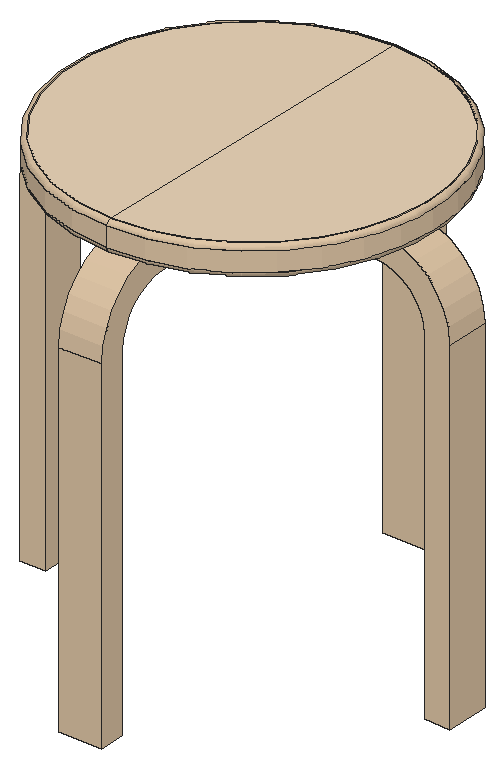
Revit family "Artek_Stools_Stool E60_Stool E60_quick_ship", category Furniture, Revit 2018
Family settings
  OmniClass Number = 23.40.20.14.14.11
  OmniClass Title = Chairs
  Work Plane-Based = No
  Always vertical = Yes
  Cut with Voids When Loaded = No
  Shared = No
  Room Calculation Point = No
Parameters (values of type "Stool E60 Natural Lacquered / Birch Veneer")
  WarrantyStartDate [instance] = "n/a"
  WarrantyGuarantorParts = "n/a"
  WarrantyGuarantorLabor = "n/a"
  WarrantyDurationUnit = "n/a"
  WarrantyDurationParts = "n/a"
  WarrantyDurationLabor = "n/a"
  WarrantyDescription = "n/a"
  VersionDate = "03/11/2020"  # constant formula
  Version = "1"  # constant formula
  Uniclass2015Reference = "Pr_40_50_51_31"
  Uniclass2015Description = "Foot stools"
  Uniclass2 = "Pr_40_50_12_83"
  URL = "https://www.artek.fi/en/products/stool-E60#data"
  Type Comments = ""
  TagNumber [instance] = "n/a"
  SustainabilityPerformance = "n/a"
  Style = "n/a"
  Size = "380x380x440mm"
  Shape = "Sculptured"
  SerialNumber [instance] = "n/a"
  SeatingHeight = 440 mm
  SeatMaterial = Birch Veneer
  SeatBandMaterial = Natural Lacquered
  Revision = "n/a"
  ReplacementCost = "n/a"
  ProductInformation = "Alvar Aalto’s four-legged Stool E60 is the most elemental of furniture pieces, equally suitable as a seat, table, storage unit, or display surface. Projecting a sense of relaxed familiarity, Stool E60 is equally suited to the home, public buildings, and educational facilities. The legs are mounted directly to the underside of the round seat without the need for complicated connecting elements. Thanks to its geometry, the stool can be stacked to save space in a spiralling tower sculpture."
  NominalLength = 420 mm
  NominalHeight = 440 mm
  NominalDepth = 420 mm
  Name = "Artek_Stool_E60"  # constant formula
  NBSReference = "45-35-20/365"
  NBSDescription = "Domestic chairs"
  ModelReference = "n/a"
  ModelNumber = "28000351"
  Material = "Wood/Fabric/Textile"
  ManufacturerURL = "https://www.artek.fi/en/"
  ManufacturerName = "Artek"
  Model = "Stool E60 Natural Lacquered / Birch Veneer"
  Manufacturer = ""
  MainColor = "Various"
  LegsMaterial = Natural Lacquered
  InstallationDate [instance] = "n/a"
  IfcExportType = "CHAIR"  # constant formula
  IfcExportAs = "IfcFurnishingElementType"  # constant formula
  Grade = "n/a"
  Finish = "Four legs and seat edge-band:\r\nSolid birch\r\nSeat core versions:\r\nSolid birch, Birch plywood\r\nSeat surface versions:\r\nBirch veneer, High-pressure laminate, Linoleum, Fabric upholstery and PU foam padding, Leather upholstery and PU foam padding, Leather upholstery"  # constant formula
  Features = "Stool E60 in a striking monochromatic configuration"  # constant formula
  ExpectedLife = "n/a"
  DurationUnit = "n/a"
  Designer = "Alvar Aalto"
  Description = "Alvar Aalto’s four-legged Stool E60 is the most elemental of furniture pieces, equally suitable as a seat, table, storage unit, or display surface. Projecting a sense of relaxed familiarity, Stool E60 is equally suited to the home, public buildings, and educational facilities. The legs are mounted directly to the underside of the round seat without the need for complicated connecting elements. Thanks to its geometry, the stool can be stacked to save space in a spiralling tower sculpture."  # constant formula
  Cost = 0
  ConvergoRefNr = "0190-2009-0002-FI\t\t\r\n"  # constant formula
  Constituents = "n/a"
  Color = "Various"
  CodePerformance = "n/a"
  Barcode [instance] = "n/a"
  AssetIdentifier [instance] = "n/a"
  Category = "Stool"
  Brand = "Artek"
  BIMObjectName = "Artek_Stools_Stool E60_Stool E60_quick_ship\r\n"  # constant formula
  Author = "Convergo AB"  # constant formula
  AssetType = "Movable"
  AccessibilityPerformance = "n/a"
Types (17, lengths in mm): name | SeatMaterial | SeatBandMaterial | ProductInformation | NominalLength | NominalDepth | ModelNumber | Model | LegsMaterial
  (no name) | Birch Veneer | Natural Lacquered | "Alvar Aalto’s four-legged Stool E60 is the most elemental of furniture pieces, equally suitable as a seat, table, storage unit, or display surface. Projecting a sense of relaxed familiarity, Stool E60 is equally suited to the home, public buildings, and educational facilities. The legs are mounted directly to the underside of the round seat without the need for complicated connecting elements. Thanks to its geometry, the stool can be stacked to save space in a spiralling tower sculpture." | 420 | 420 | "28000351" | "Stool E60 Natural Lacquered / Birch Veneer" | Natural Lacquered
  Stool E60 Natural Lacquered / Birch Veneer | Birch Veneer | Natural Lacquered | "Alvar Aalto’s four-legged Stool E60 is the most elemental of furniture pieces, equally suitable as a seat, table, storage unit, or display surface. Projecting a sense of relaxed familiarity, Stool E60 is equally suited to the home, public buildings, and educational facilities. The legs are mounted directly to the underside of the round seat without the need for complicated connecting elements. Thanks to its geometry, the stool can be stacked to save space in a spiralling tower sculpture." | 420 | 420 | "28000351" | "Stool E60 Natural Lacquered / Birch Veneer" | Natural Lacquered
  Stool E60 Natural Lacquered / IKI White HPL | IKI white HPL | Natural Lacquered | "Alvar Aalto’s four-legged Stool E60 is the most elemental of furniture pieces, equally suitable as a seat, table, storage unit, or display surface. Projecting a sense of relaxed familiarity, Stool E60 is equally suited to the home, public buildings, and educational facilities. The legs are mounted directly to the underside of the round seat without the need for complicated connecting elements. Thanks to its geometry, the stool can be stacked to save space in a spiralling tower sculpture." | 380 | 380 | "28000352" | "Stool E60 Natural Lacquer / IKI White HPL" | Natural Lacquered
  Stool E60 Natural Lacquered / Black Linoleum | Black Linoleum | Natural Lacquered | "Alvar Aalto’s four-legged Stool E60 is the most elemental of furniture pieces, equally suitable as a seat, table, storage unit, or display surface. Projecting a sense of relaxed familiarity, Stool E60 is equally suited to the home, public buildings, and educational facilities. The legs are mounted directly to the underside of the round seat without the need for complicated connecting elements. Thanks to its geometry, the stool can be stacked to save space in a spiralling tower sculpture." | 380 | 380 | "28000353" | "Stool E60 Natural Lacquered / BlackLInoleum" | Natural Lacquered
  Stool E60 Natural Lacquered / Black Lacquered | Black Lacquered | Black Lacquered | "Alvar Aalto’s four-legged Stool E60 is the most elemental of furniture pieces, equally suitable as a seat, table, storage unit, or display surface. Projecting a sense of relaxed familiarity, Stool E60 is equally suited to the home, public buildings, and educational facilities. The legs are mounted directly to the underside of the round seat without the need for complicated connecting elements. Thanks to its geometry, the stool can be stacked to save space in a spiralling tower sculpture." | 380 | 380 | "28000354" | "Stool E60 Natural Lacquered / Black Lacquered" | Natural Lacquered
  Stool E60 Natural Lacquered / Orange Lacquered | Orange Lacquered | Orange Lacquered | "Alvar Aalto’s four-legged Stool E60 is the most elemental of furniture pieces, equally suitable as a seat, table, storage unit, or display surface. Projecting a sense of relaxed familiarity, Stool E60 is equally suited to the home, public buildings, and educational facilities. The legs are mounted directly to the underside of the round seat without the need for complicated connecting elements. Thanks to its geometry, the stool can be stacked to save space in a spiralling tower sculpture." | 380 | 380 | "28000356" | "Stool E60 Natural Lacquered / Orange Lacquered" | Natural Lacquered
  Stool E60 Natural Lacquered / White Lacquered | White Lacquered | White Lacquered | "Alvar Aalto’s four-legged Stool E60 is the most elemental of furniture pieces, equally suitable as a seat, table, storage unit, or display surface. Projecting a sense of relaxed familiarity, Stool E60 is equally suited to the home, public buildings, and educational facilities. The legs are mounted directly to the underside of the round seat without the need for complicated connecting elements. Thanks to its geometry, the stool can be stacked to save space in a spiralling tower sculpture." | 380 | 380 | "28000355" | "Stool E60 Natural Lacquered / White Lacquered" | Natural Lacquered
  Stool E60 Natural Lacquered / Yellow Lacquered | Yellow Lacquered | Yellow Lacquered | "Alvar Aalto’s four-legged Stool E60 is the most elemental of furniture pieces, equally suitable as a seat, table, storage unit, or display surface. Projecting a sense of relaxed familiarity, Stool E60 is equally suited to the home, public buildings, and educational facilities. The legs are mounted directly to the underside of the round seat without the need for complicated connecting elements. Thanks to its geometry, the stool can be stacked to save space in a spiralling tower sculpture." | 380 | 380 | "28000357" | "Stool E60 Natural Lacquered / Yellow Lacquered" | Natural Lacquered
  Stool E60 Natural Lacquered / Green Lacquered | Green Lacquered | Green Lacquered | "Alvar Aalto’s four-legged Stool E60 is the most elemental of furniture pieces, equally suitable as a seat, table, storage unit, or display surface. Projecting a sense of relaxed familiarity, Stool E60 is equally suited to the home, public buildings, and educational facilities. The legs are mounted directly to the underside of the round seat without the need for complicated connecting elements. Thanks to its geometry, the stool can be stacked to save space in a spiralling tower sculpture." | 380 | 380 | "28000358" | "Stool 60 Natural Lacquered / Green Lacquered" | Natural Lacquered
  Stool E60 Natural Lacquered / Petrol Lacquered | Petrol Lacquered | Petrol Lacquered | "Alvar Aalto’s four-legged Stool E60 is the most elemental of furniture pieces, equally suitable as a seat, table, storage unit, or display surface. Projecting a sense of relaxed familiarity, Stool E60 is equally suited to the home, public buildings, and educational facilities. The legs are mounted directly to the underside of the round seat without the need for complicated connecting elements. Thanks to its geometry, the stool can be stacked to save space in a spiralling tower sculpture." | 380 | 380 | "28000384" | "Stool E60 Natural Lacquered / Petrol Lacquered" | Natural Lacquered
  Stool E60 Natural Lacquered / Red Lacquered | Red Lacquered | Red Lacquered | "Alvar Aalto’s iconic Stool 60 is the most elemental of furniture pieces, equally suitable as a seat, a table, storage unit, or display surface. The legs are mounted directly to the underside of the round seat without the need for complicated connecting elements. Thanks to its geometry, the stool can be stacked to save space in a spiralling tower sculpture. Manufactured in 42 production steps at the A-Factory in Turku, Finland, Stool 60 is available in a wide variety of colours and finishes. Several million units of Stool 60 and its four-legged cousin, Stool E60, have been sold, making it one of the most cherished products in the history of design." | 380 | 380 | "28000385" | "Stool E60 Natural Lacquered / Red Lacquered" | Natural Lacquered
  Stool E60 Natural Lacquered / Blue Lacquered | Blue Lacquered | Blue Lacquered | "Alvar Aalto’s four-legged Stool E60 is the most elemental of furniture pieces, equally suitable as a seat, table, storage unit, or display surface. Projecting a sense of relaxed familiarity, Stool E60 is equally suited to the home, public buildings, and educational facilities. The legs are mounted directly to the underside of the round seat without the need for complicated connecting elements. Thanks to its geometry, the stool can be stacked to save space in a spiralling tower sculpture." | 380 | 380 | "28000386" | "Stool E60 Natural Lacquered / Blue Lacquered" | Natural Lacquered
  Stool E60 Natural Lacquered / Grey Lacquered | Grey Lacquered | Grey Lacquered | "Alvar Aalto’s iconic Stool 60 is the most elemental of furniture pieces, equally suitable as a seat, a table, storage unit, or display surface. The legs are mounted directly to the underside of the round seat without the need for complicated connecting elements. Thanks to its geometry, the stool can be stacked to save space in a spiralling tower sculpture. Manufactured in 42 production steps at the A-Factory in Turku, Finland, Stool 60 is available in a wide variety of colours and finishes. Several million units of Stool 60 and its four-legged cousin, Stool E60, have been sold, making it one of the most cherished products in the history of design." | 380 | 380 | "28000387" | "Stool E60 Natural Lacquered / Grey Lacquered" | Natural Lacquered
  Stool E60 White Lacquered / White Lacquered | White Lacquered | White Lacquered | "Alvar Aalto’s four-legged Stool E60 is the most elemental of furniture pieces, equally suitable as a seat, table, storage unit, or display surface. Projecting a sense of relaxed familiarity, Stool E60 is equally suited to the home, public buildings, and educational facilities. The legs are mounted directly to the underside of the round seat without the need for complicated connecting elements. Thanks to its geometry, the stool can be stacked to save space in a spiralling tower sculpture." | 380 | 380 | "28000363" | "Stool E60 White Lacquered / White Lacquered" | White Lacquered
  Stool E60 Black Lacquered / Black Lacquered | Black Lacquered | Black Lacquered | "Alvar Aalto’s four-legged Stool E60 is the most elemental of furniture pieces, equally suitable as a seat, table, storage unit, or display surface. Projecting a sense of relaxed familiarity, Stool E60 is equally suited to the home, public buildings, and educational facilities. The legs are mounted directly to the underside of the round seat without the need for complicated connecting elements. Thanks to its geometry, the stool can be stacked to save space in a spiralling tower sculpture." | 380 | 380 | "28000364" | "Stool E60 Black Lacquered / Black Lacquered" | Black Lacquered
  Stool E60 Walnut Stained / Walnut Stained | Walnut Stained | Walnut Stained | "Alvar Aalto’s four-legged Stool E60 is the most elemental of furniture pieces, equally suitable as a seat, table, storage unit, or display surface. Projecting a sense of relaxed familiarity, Stool E60 is equally suited to the home, public buildings, and educational facilities. The legs are mounted directly to the underside of the round seat without the need for complicated connecting elements. Thanks to its geometry, the stool can be stacked to save space in a spiralling tower sculpture." | 380 | 380 | "28000365" | "Stool E60 Walnut Stained / Walnut Stained" | Walnut Stained
  Stool E60 Honey Stained / Honey Stained | Honey Stained | Honey Stained | "Alvar Aalto’s four-legged Stool E60 is the most elemental of furniture pieces, equally suitable as a seat, table, storage unit, or display surface. Projecting a sense of relaxed familiarity, Stool E60 is equally suited to the home, public buildings, and educational facilities. The legs are mounted directly to the underside of the round seat without the need for complicated connecting elements. Thanks to its geometry, the stool can be stacked to save space in a spiralling tower sculpture." | 380 | 380 | "28000376" | "Stool E60 Honey Stained / Honey Stained" | Honey Stained
Reference planes
  plane 1 "Center (Front/Back)": y = 0
  plane 2: z = 0
  plane 3 "Center (Left/Right)": x = 0
  plane 4: z = 440
  plane 5: z = 440
  plane 6: x = -210
  plane 7: x = 210
  plane 8: y = 210
  plane 9: y = -210
Forms (mm)
  Revolve 1, solid, material "Birch Veneer" <- "SeatMaterial", detail levels medium+fine
    sketch origin (0, 0, 0) x (0, 1, 0) y (0, 0, 1)
      loop
        line (172.17, 440) -> (0, 440) -> (0, 435) -> (172.17, 435) -> (172.17, 440)
      axis (0, 435) -> (0, 440)
    angle from 0 to 360
  Extrusion 2, solid, material "Natural Lacquered" <- "LegsMaterial", detail levels medium+fine
    sketch origin (575, -65.1, 0.2) x (0, 1, 0) y (0, 0, 1)
      loop
        line (-4.9, 385.8) -> (-4.9, 410.8) -> (-69.9, 410.8)
        arc (-69.9, 410.8) -> (-122.933, 388.833) -> (-144.9, 335.8) r 75
        line (-144.9, 335.8) -> (-144.9, -0.2) -> (-119.9, -0.2) -> (-119.9, 335.8)
        arc (-119.9, 335.8) -> (-105.255, 371.155) -> (-69.9, 385.8) r 50
        line (-69.9, 385.8) -> (-4.9, 385.8)
    from -554.001 to -596.001
  Extrusion 3, solid, material "Birch Veneer" <- "SeatMaterial", detail levels coarse
    sketch origin (0, 0, 0) x (1, 0, 0) y (0, 1, 0)
      loop
        line (-210, 210) -> (-210, -210) -> (210, -210) -> (210, 210) -> (-210, 210)
    from 440 to 0
  Extrusion 4, solid, material "Natural Lacquered" <- "LegsMaterial", detail levels medium+fine
    sketch origin (575, 65.1, 0.2) x (0, -1, 0) y (0, 0, -1)
      loop
        line (-4.9, -385.8) -> (-69.9, -385.8)
        arc (-69.9, -385.8) -> (-105.255, -371.155) -> (-119.9, -335.8) r 50
        line (-119.9, -335.8) -> (-119.9, 0.2) -> (-144.9, 0.2) -> (-144.9, -335.8)
        arc (-144.9, -335.8) -> (-122.933, -388.833) -> (-69.9, -410.8) r 75
        line (-69.9, -410.8) -> (-4.9, -410.8) -> (-4.9, -385.8)
    from -554.001 to -596.001
  Extrusion 5, solid, material "Natural Lacquered" <- "LegsMaterial", detail levels medium+fine
    sketch origin (-65.1, -575.001, 0.2) x (1, 0, 0) y (0, 0, 1)
      loop
        line (-4.9, 385.8) -> (-4.9, 410.8) -> (-69.9, 410.8)
        arc (-69.9, 410.8) -> (-122.933, 388.833) -> (-144.9, 335.8) r 75
        line (-144.9, 335.8) -> (-144.9, -0.2) -> (-119.9, -0.2) -> (-119.9, 335.8)
        arc (-119.9, 335.8) -> (-105.255, 371.155) -> (-69.9, 385.8) r 50
        line (-69.9, 385.8) -> (-4.9, 385.8)
    from -554.001 to -596.001
  Extrusion 6, solid, material "Natural Lacquered" <- "LegsMaterial", detail levels medium+fine
    sketch origin (65.1, -575.001, 0.2) x (-1, 0, 0) y (0, 0, -1)
      loop
        line (-4.9, -385.8) -> (-69.9, -385.8)
        arc (-69.9, -385.8) -> (-105.255, -371.155) -> (-119.9, -335.8) r 50
        line (-119.9, -335.8) -> (-119.9, 0.2) -> (-144.9, 0.2) -> (-144.9, -335.8)
        arc (-144.9, -335.8) -> (-122.933, -388.833) -> (-69.9, -410.8) r 75
        line (-69.9, -410.8) -> (-4.9, -410.8) -> (-4.9, -385.8)
    from -554.001 to -596.001
  Revolve 7, solid, material "Natural Lacquered" <- "SeatBandMaterial", detail levels medium+fine
    sketch origin (0, 0, 0) x (0, 1, 0) y (0, 0, 1)
      loop
        line (0, 435) -> (0, 411) -> (172.17, 411)
        arc (172.17, 411) -> (175.705, 412.464) -> (177.17, 416) r 5
        line (177.17, 416) -> (177.17, 435)
        arc (177.17, 435) -> (175.705, 438.536) -> (172.17, 440) r 5
        line (172.17, 440) -> (172.17, 435) -> (0, 435)
      axis (0, 411) -> (0, 440)
    angle from 0 to 360
Lines and regions (mm)
  symbolic lines, detail levels medium+fine
    curve 1: line (0, 210, 0) -> (-21.001, 210, 0)
    curve 2: line (-21.001, 210, 0) -> (-21.001, 175.918, 0)
    curve 3: line (-210, 0, 0) -> (-210, 21, 0)
    curve 4: line (-210, 21, 0) -> (-175.918, 21, 0)
    curve 7: arc (-175.918, 21, 0) -> (-125.701, 125.701, 0) -> (-21.001, 175.918, 0) r 175
    curve 8: line (0, 210, 0) -> (21.001, 210, 0)
    curve 9: line (21.001, 210, 0) -> (21.001, 175.918, 0)
    curve 10: line (210, 0, 0) -> (210, 21, 0)
    curve 11: line (210, 21, 0) -> (175.918, 21, 0)
    curve 14: arc (175.918, 21, 0) -> (125.701, 125.701, 0) -> (21.001, 175.918, 0) r 175
    curve 15: line (0, -210, 0) -> (-21.001, -210, 0)
    curve 16: line (-21.001, -210, 0) -> (-21.001, -175.918, 0)
    curve 17: line (-210, 0, 0) -> (-210, -21, 0)
    curve 18: line (-210, -21, 0) -> (-175.918, -21, 0)
    curve 21: arc (-175.918, -21, 0) -> (-125.701, -125.701, 0) -> (-21.001, -175.918, 0) r 175
    curve 22: line (0, -210, 0) -> (21.001, -210, 0)
    curve 23: line (21.001, -210, 0) -> (21.001, -175.918, 0)
    curve 24: line (210, 0, 0) -> (210, -21, 0)
    curve 25: line (210, -21, 0) -> (175.918, -21, 0)
    curve 28: arc (175.918, -21, 0) -> (125.701, -125.701, 0) -> (21.001, -175.918, 0) r 175
    curve 29: line (0, 0, 440) -> (0, 170, 440)
    curve 30: line (0, 177.153, 435.355) -> (0, 177.153, 417.196)
    curve 31: arc (0, 170, 440) -> (0, 174.265, 438.737) -> (0, 177.153, 435.355) r 7.831
    curve 32: arc (0, 177.153, 417.196) -> (0, 175.333, 412.802) -> (0, 170.938, 410.981) r 6.215
    curve 33: line (0, 170.938, 410.981) -> (0, 136.498, 410.985)
    curve 34: line (0, 30, 386) -> (0, 30, 410.997)
    curve 35: arc (0, 210, 336) -> (0, 188.56, 388.501) -> (0, 136.498, 410.985) r 75
    curve 36: arc (0, 135, 386) -> (0, 170.355, 371.355) -> (0, 185, 336) r 50
    curve 37: line (0, 30, 386) -> (0, 135, 386)
    curve 38: line (0, 185, 336) -> (0, 185, 0)
    curve 39: line (0, 21, 0) -> (0, 21, 410.998)
    curve 40: line (0, 210, 336) -> (0, 210, 0)
    curve 41: line (0, 210, 0) -> (0, 185, 0)
    curve 43: line (0, 30, 410.997) -> (0, 21, 410.998)
    curve 45: line (0, 21, 0) -> (0, 0, 0)
    curve 46: line (0, 0, 440) -> (0, -170, 440)
    curve 47: line (0, -177.153, 435.355) -> (0, -177.153, 417.196)
    curve 48: arc (0, -170, 440) -> (0, -174.265, 438.737) -> (0, -177.153, 435.355) r 7.831
    curve 49: arc (0, -177.153, 417.196) -> (0, -175.333, 412.801) -> (0, -170.938, 410.981) r 6.215
    curve 50: line (0, -170.938, 410.981) -> (0, -136.498, 410.985)
    curve 51: line (0, -30, 386) -> (0, -30, 410.997)
    curve 52: arc (0, -210, 336) -> (0, -188.56, 388.501) -> (0, -136.498, 410.985) r 75
    curve 53: arc (0, -135, 386) -> (0, -170.355, 371.355) -> (0, -185, 336) r 50
    curve 54: line (0, -30, 386) -> (0, -135, 386)
    curve 55: line (0, -185, 336) -> (0, -185, 0)
    curve 56: line (0, -21, 0) -> (0, -21, 410.998)
    curve 57: line (0, -210, 336) -> (0, -210, 0)
    curve 58: line (0, -210, 0) -> (0, -185, 0)
    curve 60: line (0, -30, 410.997) -> (0, -21, 410.998)
    curve 62: line (0, -21, 0) -> (0, 0, 0)
    curve 63: line (0, 0, 440) -> (-172.221, 0, 440)
    curve 64: line (-177.263, 0, 435.648) -> (-177.263, 0, 415.648)
    curve 65: arc (-172.221, 0, 440) -> (-175.551, 0, 438.762) -> (-177.263, 0, 435.648) r 5.097
    curve 66: arc (-177.263, 0, 415.648) -> (-175.866, 0, 412.276) -> (-172.494, 0, 410.88) r 4.769
    curve 67: line (-172.494, 0, 410.88) -> (-138.808, 0, 410.903)
    curve 68: line (-21.001, 0, 410.985) -> (-21.001, 0, 0)
    curve 69: line (-30, 0, 386) -> (-30, 0, 410.979)
    curve 70: line (-135, 0, 386) -> (-30, 0, 386)
    curve 71: arc (-185, 0, 336) -> (-170.355, 0, 371.355) -> (-135, 0, 386) r 50
    curve 72: arc (-138.808, 0, 410.903) -> (-189.363, 0, 387.669) -> (-210, 0, 336) r 75
    curve 73: line (-185, 0, 0) -> (-185, 0, 336)
    curve 74: line (-210, 0, 336) -> (-210, 0, 0)
    curve 75: line (-210, 0, 0) -> (-185, 0, 0)
    curve 76: line (-21.001, 0, 0) -> (0, 0, 0)
    curve 78: line (-30, 0, 410.979) -> (-21.001, 0, 410.985)
    curve 80: line (0, 0, 440) -> (172.221, 0, 440)
    curve 81: line (177.263, 0, 435.648) -> (177.263, 0, 415.648)
    curve 82: arc (172.221, 0, 440) -> (175.551, 0, 438.762) -> (177.263, 0, 435.648) r 5.097
    curve 83: arc (177.263, 0, 415.648) -> (175.866, 0, 412.276) -> (172.494, 0, 410.88) r 4.769
    curve 84: line (172.494, 0, 410.88) -> (138.808, 0, 410.903)
    curve 85: line (21.001, 0, 410.985) -> (21.001, 0, 0)
    curve 86: line (30, 0, 386) -> (30, 0, 410.979)
    curve 87: line (135, 0, 386) -> (30, 0, 386)
    curve 88: arc (185, 0, 336) -> (170.355, 0, 371.355) -> (135, 0, 386) r 50
    curve 89: arc (138.808, 0, 410.903) -> (189.363, 0, 387.669) -> (210, 0, 336) r 75
    curve 90: line (185, 0, 0) -> (185, 0, 336)
    curve 91: line (210, 0, 336) -> (210, 0, 0)
    curve 92: line (210, 0, 0) -> (185, 0, 0)
    curve 93: line (21.001, 0, 0) -> (0, 0, 0)
    curve 95: line (30, 0, 410.979) -> (21.001, 0, 410.985)
  symbolic lines, detail levels fine
    curve 5: arc (-176.947, 0, 0) -> (-176.748, 10.515, 0) -> (-175.918, 21, 0) r 175
    curve 6: arc (-21.001, 175.918, 0) -> (-10.516, 176.748, 0) -> (0, 176.946, 0) r 175
    curve 12: arc (176.947, 0, 0) -> (176.748, 10.515, 0) -> (175.918, 21, 0) r 175
    curve 13: arc (21.001, 175.918, 0) -> (10.516, 176.748, 0) -> (0, 176.946, 0) r 175
    curve 19: arc (-176.947, 0, 0) -> (-176.748, -10.515, 0) -> (-175.918, -21, 0) r 175
    curve 20: arc (-21.001, -175.918, 0) -> (-10.516, -176.748, 0) -> (0, -176.946, 0) r 175
    curve 26: arc (176.947, 0, 0) -> (176.748, -10.515, 0) -> (175.918, -21, 0) r 175
    curve 27: arc (21.001, -175.918, 0) -> (10.516, -176.748, 0) -> (0, -176.946, 0) r 175
    curve 42: line (0, 136.498, 410.985) -> (0, 30, 410.997)
    curve 44: line (0, 21, 410.998) -> (0, 0, 411)
    curve 59: line (0, -136.498, 410.985) -> (0, -30, 410.997)
    curve 61: line (0, -21, 410.998) -> (0, 0, 411)
    curve 77: line (-21.001, 0, 410.985) -> (-0.001, 0, 411)
    curve 79: line (-138.808, 0, 410.903) -> (-30, 0, 410.979)
    curve 94: line (21.001, 0, 410.985) -> (0.001, 0, 411)
    curve 96: line (138.808, 0, 410.903) -> (30, 0, 410.979)
Dimensions and locks
  "NominalHeight": plane 4 to level
  "SeatingHeight": plane 5 to level
  equal spacing: plane 8, plane 1 "Center (Front/Back)", plane 9
  equal spacing: plane 6, plane 3 "Center (Left/Right)", plane 7
  "NominalLength": plane 6 to plane 7
  "NominalDepth": plane 8 to plane 9
  aligned and locked: level to plane 2
Automatic sketch dimensions
  Extrusion 2 sketch curve to Extrusion 2 sketch curve = 0 mm  (x3)
  Extrusion 2 sketch curve to level = 0 mm
  Extrusion 2 sketch curve to Extrusion 2 sketch curve = 25 mm
  Extrusion 2 sketch curve to Extrusion 2 sketch curve = 50 mm
  plane 1 "Center (Front/Back)" to Extrusion 2 sketch curve = 70 mm
  Extrusion 2 sketch curve to plane 4 = 104 mm
  Extrusion 4 sketch curve to Extrusion 4 sketch curve = 0 mm  (x3)
  Extrusion 4 sketch curve to level = 0 mm
  Extrusion 4 sketch curve to Extrusion 4 sketch curve = 50 mm
  Extrusion 4 sketch curve to plane 1 "Center (Front/Back)" = 70 mm
  Extrusion 4 sketch curve to plane 4 = 104 mm
  Extrusion 5 sketch curve to Extrusion 5 sketch curve = 0 mm  (x3)
  Extrusion 5 sketch curve to level = 0 mm
  Extrusion 5 sketch curve to Extrusion 5 sketch curve = 25 mm
  Extrusion 5 sketch curve to Extrusion 5 sketch curve = 50 mm
  Extrusion 5 sketch curve to plane 3 "Center (Left/Right)" = 70 mm
  Extrusion 5 sketch curve to plane 4 = 104 mm
  Extrusion 6 sketch curve to Extrusion 6 sketch curve = 0 mm  (x3)
  Extrusion 6 sketch curve to level = 0 mm
  Extrusion 6 sketch curve to Extrusion 6 sketch curve = 50 mm
  plane 3 "Center (Left/Right)" to Extrusion 6 sketch curve = 70 mm
  Extrusion 6 sketch curve to plane 4 = 104 mm
  Revolve 7 sketch curve to plane 1 "Center (Front/Back)" = 0 mm  (x2)
  Revolve 7 sketch curve to Revolve 7 sketch curve = 5 mm  (x2)
  Revolve 7 sketch curve to plane 4 = 29 mm
  Revolve 7 sketch curve to Revolve 7 sketch curve = 19 mm
  Revolve 7 sketch curve to Revolve 7 sketch curve = 0 mm
  Revolve 7 sketch curve to Revolve 7 sketch curve = 55 mm
  Revolve 1 sketch curve to plane 1 "Center (Front/Back)" = 0 mm  (x2)
  Revolve 1 sketch curve to plane 4 = 0 mm  (x2)
  plane 4 to Revolve 1 sketch curve = 55 mm
  Revolve 1 sketch curve to Revolve 1 sketch curve = 5 mm
  curve 5 to curve 6 = 0 mm
  curve 5 to curve 7 = 0 mm  (x2)
  curve 6 to curve 7 = 0 mm
  curve 12 to curve 13 = 0 mm  (x2)
  curve 12 to curve 14 = 0 mm  (x2)
  curve 19 to curve 20 = 0 mm  (x2)
  curve 19 to curve 21 = 0 mm
  curve 20 to curve 21 = 0 mm
  curve 26 to curve 27 = 0 mm
  curve 26 to curve 28 = 0 mm
  curve 27 to curve 28 = 0 mm  (x2)
  plane 1 "Center (Front/Back)" to curve 17 = 0 mm
  plane 1 "Center (Front/Back)" to curve 19 = 0 mm
  curve 22 to plane 3 "Center (Left/Right)" = 0 mm
  curve 6 to plane 3 "Center (Left/Right)" = 0 mm
  curve 8 to plane 3 "Center (Left/Right)" = 0 mm
  curve 20 to plane 3 "Center (Left/Right)" = 0 mm
  plane 1 "Center (Front/Back)" to curve 12 = 0 mm
  plane 1 "Center (Front/Back)" to curve 24 = 0 mm
  curve 6 to plane 3 "Center (Left/Right)" = 1.958 mm
  curve 19 to plane 3 "Center (Left/Right)" = 1.958 mm
  curve 16 to plane 3 "Center (Left/Right)" = 21.001 mm
  curve 1 to plane 3 "Center (Left/Right)" = 21.001 mm
  plane 3 "Center (Left/Right)" to curve 26 = 1.958 mm
  plane 3 "Center (Left/Right)" to curve 14 = 1.958 mm
  curve 1 to curve 8 = 21.001 mm
  plane 3 "Center (Left/Right)" to curve 23 = 21.001 mm
  plane 1 "Center (Front/Back)" to curve 19 = 1.957 mm
  plane 1 "Center (Front/Back)" to curve 28 = 1.957 mm
  plane 1 "Center (Front/Back)" to curve 25 = 21 mm
  curve 14 to plane 1 "Center (Front/Back)" = 1.957 mm
  curve 71 to curve 72 = 0 mm  (x2)
  curve 88 to curve 89 = 0 mm  (x3)
  curve 75 to level = 0 mm
  curve 65 to plane 4 = 0 mm
  curve 68 to level = 0 mm
  curve 63 to plane 3 "Center (Left/Right)" = 0 mm
  curve 76 to plane 3 "Center (Left/Right)" = 0 mm
  curve 90 to level = 0 mm
  curve 76 to plane 3 "Center (Left/Right)" = 21.001 mm
  curve 69 to curve 68 = 8.999 mm
  curve 79 to curve 71 = 3.808 mm
  curve 64 to curve 65 = 5.042 mm
  plane 3 "Center (Left/Right)" to curve 85 = 21.001 mm
  curve 85 to curve 86 = 8.999 mm
  curve 88 to curve 96 = 3.808 mm
  curve 82 to plane 4 = 5.097 mm
  curve 81 to plane 4 = 4.352 mm
  curve 89 to plane 4 = 104 mm
  curve 71 to plane 4 = 104 mm
  curve 84 to curve 82 = 24.024 mm
  curve 67 to plane 4 = 29.12 mm
  curve 69 to curve 78 = 24.979 mm
  curve 86 to curve 86 = 24.979 mm
  curve 86 to curve 85 = 0.006 mm
  curve 69 to curve 68 = 0.006 mm
  curve 65 to plane 4 = 5.097 mm
  curve 77 to plane 3 "Center (Left/Right)" = 0.001 mm
  plane 3 "Center (Left/Right)" to curve 94 = 0.001 mm
  curve 85 to curve 94 = 0.015 mm
  curve 77 to curve 94 = 0 mm
  curve 35 to curve 36 = 0 mm  (x2)
  curve 52 to curve 53 = 0 mm  (x3)
  curve 58 to level = 0 mm
  curve 48 to plane 4 = 0 mm
  curve 56 to level = 0 mm
  curve 61 to plane 1 "Center (Front/Back)" = 0 mm
  curve 45 to plane 1 "Center (Front/Back)" = 0 mm
  curve 46 to plane 1 "Center (Front/Back)" = 0 mm
  curve 44 to plane 1 "Center (Front/Back)" = 0 mm
  curve 38 to level = 0 mm
  plane 1 "Center (Front/Back)" to curve 62 = 21 mm
  curve 51 to curve 56 = 9 mm
  curve 50 to curve 53 = 1.498 mm
  curve 49 to curve 50 = 0.001 mm
  curve 47 to curve 49 = 6.215 mm
  curve 44 to plane 1 "Center (Front/Back)" = 21 mm
  curve 39 to curve 34 = 9 mm
  curve 36 to curve 33 = 1.498 mm
  curve 31 to plane 4 = 7.831 mm
  curve 31 to curve 32 = 0.938 mm
  curve 32 to curve 30 = 6.215 mm
  curve 35 to curve 31 = 96.169 mm
  curve 53 to plane 4 = 104 mm
  curve 50 to plane 4 = 29.019 mm
  curve 33 to curve 31 = 21.188 mm
  curve 51 to curve 51 = 24.997 mm
  curve 34 to curve 43 = 24.997 mm
  curve 51 to curve 60 = 0.001 mm
  curve 34 to curve 43 = 0.001 mm
  curve 48 to plane 4 = 7.831 mm
  curve 39 to curve 61 = 0.002 mm
  curve 44 to curve 61 = 0 mm
  curve 6 to curve 2 = 34.082 mm
  curve 34 to curve 36 = 105 mm
  curve 35 to curve 31 = 33.502 mm
  curve 39 to curve 38 = 164 mm
  curve 38 to curve 40 = 25 mm
  Revolve 1 sketch curve to plane 1 "Center (Front/Back)" = 172.17 mm
  Extrusion 3 sketch curve to plane 1 "Center (Front/Back)" = 210 mm
  Extrusion 4 sketch curve to Extrusion 4 sketch curve = 65 mm
  Extrusion 4 sketch curve to Extrusion 4 sketch curve = 25 mm
  Revolve 7 sketch curve to plane 4 = 0 mm
  Revolve 7 sketch curve to plane 1 "Center (Front/Back)" = 172.17 mm
  curve 15 to curve 16 = 34.082 mm
  curve 54 to plane 4 = 54 mm
  curve 54 to curve 51 = 105 mm
  curve 46 to curve 52 = 33.502 mm
  curve 50 to curve 48 = 0.938 mm
  curve 57 to curve 55 = 25 mm
  Extrusion 2 sketch curve to Extrusion 2 sketch curve = 65 mm
  plane 1 "Center (Front/Back)" to Extrusion 3 sketch curve = 210 mm
  curve 3 to curve 19 = 33.053 mm
  curve 4 to plane 1 "Center (Front/Back)" = 21 mm
  plane 1 "Center (Front/Back)" to curve 18 = 21 mm
  curve 70 to curve 69 = 105 mm
  curve 63 to curve 67 = 33.413 mm
  curve 66 to curve 67 = 4.769 mm
  curve 75 to curve 68 = 163.999 mm
  curve 74 to curve 71 = 25 mm
  Extrusion 3 sketch curve to plane 3 "Center (Left/Right)" = 210 mm
  Extrusion 5 sketch curve to Extrusion 5 sketch curve = 65 mm
  curve 18 to curve 19 = 173.961 mm
  curve 11 to plane 1 "Center (Front/Back)" = 21 mm
  curve 26 to curve 25 = 34.082 mm
  curve 86 to curve 89 = 105 mm
  curve 84 to curve 82 = 33.413 mm
  curve 84 to curve 83 = 4.769 mm
  curve 85 to curve 90 = 163.999 mm
  curve 88 to curve 91 = 25 mm
  plane 3 "Center (Left/Right)" to Extrusion 3 sketch curve = 210 mm
  Extrusion 6 sketch curve to Extrusion 6 sketch curve = 65 mm
  Extrusion 6 sketch curve to Extrusion 6 sketch curve = 25 mm
